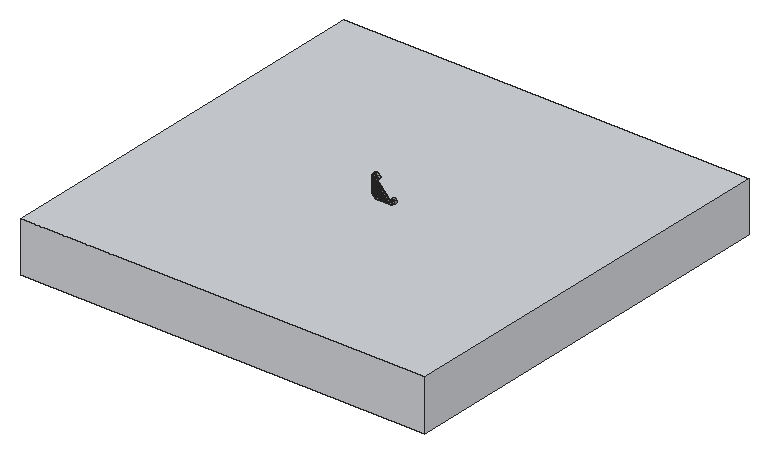
Revit family "RECK Jabonera Esquina 13x13cm BC1313300", category Generic Models, Revit 2014
Parameters
  MODELO = "RECK"
  MARCA = "WASSER"
  EMPRESA = "CHC COMERCIAL HISPANO CHILENA"
  Default Elevation = 1219.2 mm
  DIMENSIONES = "13X13CM"
  CÓDIGO = "BC1313300"
  ACCESORIO = "JABONERA ESQUINA"
Reference planes
  plane 1 "Center (Front/Back)": y = 0
  plane 2 "Center (Left/Right)": x = 0
  plane 3: z = 130
  plane 4: x = 65
  plane 5: x = -65
  plane 6: y = -30
  plane 7: z = 0
  plane 8: z = 105
  plane 9: z = 25
  plane 10: through (47.056, 0, 25) normal (0.7071, 0, -0.7071)
  plane 11: through (-32.944, 0, 105) normal (0.7071, 0, -0.7071)
Forms (mm)
  Extrusion 1, solid
    sketch origin (-10, 0, 0) x (1, 0, 0) y (0, 1, 0)
      loop
        line (-1219.2, 1219.2) -> (-1219.2, -1219.2) -> (1219.2, -1219.2) -> (1219.2, 1219.2) -> (-1219.2, 1219.2)
    from 0 to -304.8
  Extrusion 2, solid, material "Steel, Chrome Plated"
    sketch origin (-10, 0, 0) x (1, 0, 0) y (0, 0, 1)
      loop
        arc (67, 0) -> (74.309, 4.747) -> (72.944, 13.354) r 8
        line (72.944, 13.354) -> (59.177, 27.121)
        arc (59.177, 27.121) -> (57.056, 27.121) -> (57.056, 25) r 1.5
        line (57.056, 25) -> (70.761, 11.294)
        arc (70.761, 11.294) -> (71.554, 5.935) -> (67, 3) r 5
        line (67, 3) -> (-47, 3)
        arc (-47, 3) -> (-50.536, 4.464) -> (-52, 8) r 5
        line (-52, 8) -> (-52, 122)
        arc (-52, 122) -> (-48.76, 126.68) -> (-43.239, 125.294) r 5
        line (-43.239, 125.294) -> (-22.944, 105)
        arc (-22.944, 105) -> (-20.85, 105.027) -> (-20.823, 107.121) r 1.5
        line (-20.823, 107.121) -> (-41.056, 127.354)
        arc (-41.056, 127.354) -> (-49.867, 129.468) -> (-55, 122) r 8
        line (-55, 122) -> (-55, 8)
        arc (-55, 8) -> (-52.657, 2.343) -> (-47, 0) r 8
        line (-47, 0) -> (67, 0)
    from 0 to 12
  Extrusion 3, void
    sketch origin (-73.739, 0, 21.038) x (0.707107, 0, -0.707107) y (0, 1, 0)
      loop
        line (-33.818, 0) -> (-31.5, 0)
        arc (-31.5, 0) -> (-29.379, -0.879) -> (-28.5, -3) r 3
        line (-28.5, -3) -> (-28.5, -9)
        arc (-28.5, -9) -> (-29.379, -11.121) -> (-31.5, -12) r 3
        line (-31.5, -12) -> (-33.818, -12) -> (-27.237, -14.082) -> (-26.755, -0.296) -> (-30.222, 2.612) -> (-33.818, 0)
    from 85.183 to 95.098
  Extrusion 4, void
    sketch origin (-36.759, 0, -16.384) x (-0.707107, 0, 0.707107) y (0, -1, 0)
      loop
        line (-33.818, 0) -> (-30.222, -2.612) -> (-26.755, 0.296) -> (-27.237, 14.082) -> (-33.818, 12) -> (-31.5, 12)
        arc (-31.5, 12) -> (-29.379, 11.121) -> (-28.5, 9) r 3
        line (-28.5, 9) -> (-28.5, 3)
        arc (-28.5, 3) -> (-29.379, 0.879) -> (-31.5, 0) r 3
        line (-31.5, 0) -> (-33.818, 0)
    from 85.183 to 95.098
  Sweep 5, solid, material "Steel, Chrome Plated"
    path origin (8.194, 0, 66.268) x (0.707107, 0, -0.707107) y (0, 1, 0)
      loop
        line (68.303, -12) -> (68.303, -25.954)
        arc (68.303, -25.954) -> (67.424, -28.075) -> (65.303, -28.954) r 3
        line (65.303, -28.954) -> (-69.475, -28.954)
        arc (-69.475, -28.954) -> (-71.565, -28.088) -> (-72.43, -25.998) r 2.955
        line (-72.43, -25.998) -> (-72.43, -12)
    profile origin (56.491, -18.977, 17.971) x (0.707107, 0, -0.707107) y (0.707107, 0, 0.707107)
      loop
        circle (0, 0) r 0.8
  Sweep 6, solid, material "Steel, Chrome Plated"
    path origin (0.005, 0, 58.079) x (0.707107, 0, -0.707107) y (0, 1, 0)
      loop
        line (80.713, -12) -> (80.713, -25.954)
        arc (80.713, -25.954) -> (79.834, -28.075) -> (77.713, -28.954) r 3
        line (77.713, -28.954) -> (-87.552, -28.954)
        arc (-87.552, -28.954) -> (-89.642, -28.088) -> (-90.508, -25.998) r 2.955
        line (-90.508, -25.998) -> (-90.508, -12)
    profile origin (57.078, -18.977, 1.007) x (0.707107, 0, -0.707107) y (0.707107, 0, 0.707107)
      loop
        circle (0, 0) r 0.8
  Sweep 7, solid, material "Steel, Chrome Plated"
    path origin (-7.793, 0, 50.281) x (0.707107, 0, -0.707107) y (0, 1, 0)
      loop
        line (68.303, -12) -> (68.303, -25.954)
        arc (68.303, -25.954) -> (67.424, -28.075) -> (65.303, -28.954) r 3
        line (65.303, -28.954) -> (-76.258, -28.954)
        arc (-76.258, -28.954) -> (-78.348, -28.088) -> (-79.213, -25.998) r 2.955
        line (-79.213, -25.998) -> (-79.213, -12)
    profile origin (40.504, -18.977, 1.983) x (0.707107, 0, -0.707107) y (0.707107, 0, 0.707107)
      loop
        circle (0, 0) r 0.8
  Sweep 8, solid, material "Steel, Chrome Plated"
    path origin (-15.592, 0, 42.482) x (0.707107, 0, -0.707107) y (0, 1, 0)
      loop
        line (57.042, -11.434) -> (57.042, -25.769)
        arc (57.042, -25.769) -> (56.163, -27.89) -> (54.042, -28.769) r 3
        line (54.042, -28.769) -> (-64.489, -28.769)
        arc (-64.489, -28.769) -> (-66.579, -27.903) -> (-67.445, -25.814) r 2.955
        line (-67.445, -25.814) -> (-67.445, -10.814)
    profile origin (24.743, -18.601, 2.147) x (0.707107, 0, -0.707107) y (0.707107, 0, 0.707107)
      loop
        circle (0, 0) r 0.8
  Sweep 9, solid, material "Steel, Chrome Plated"
    path origin (-23.391, 0, 34.683) x (0.707107, 0, -0.707107) y (0, 1, 0)
      loop
        line (47.013, -10.373) -> (47.013, -25.532)
        arc (47.013, -25.532) -> (46.134, -27.653) -> (44.013, -28.532) r 3
        line (44.013, -28.532) -> (-53.708, -28.532)
        arc (-53.708, -28.532) -> (-55.797, -27.666) -> (-56.663, -25.576) r 2.955
        line (-56.663, -25.576) -> (-56.663, -10.576)
    profile origin (9.852, -17.952, 1.44) x (0.707107, 0, -0.707107) y (0.707107, 0, 0.707107)
      loop
        circle (0, 0) r 0.8
  Sweep 10, solid, material "Steel, Chrome Plated"
    path origin (-31.189, 0, 26.885) x (0.707107, 0, -0.707107) y (0, 1, 0)
      loop
        line (36.176, -9.544) -> (36.176, -25.531)
        arc (36.176, -25.531) -> (35.297, -27.653) -> (33.176, -28.531) r 3
        line (33.176, -28.531) -> (-42.874, -28.531)
        arc (-42.874, -28.531) -> (-44.963, -27.666) -> (-45.829, -25.576) r 2.955
        line (-45.829, -25.576) -> (-45.829, -9.46)
    profile origin (-5.609, -17.538, 1.305) x (0.707107, 0, -0.707107) y (0.707107, 0, 0.707107)
      loop
        circle (0, 0) r 0.8
  Sweep 11, solid, material "Steel, Chrome Plated"
    path origin (-38.988, 0, 19.086) x (0.707107, 0, -0.707107) y (0, 1, 0)
      loop
        line (25.198, -8.705) -> (25.198, -25.524)
        arc (25.198, -25.524) -> (24.32, -27.645) -> (22.198, -28.524) r 3
        line (22.198, -28.524) -> (-31.998, -28.524)
        arc (-31.998, -28.524) -> (-34.088, -27.658) -> (-34.953, -25.568) r 2.955
        line (-34.953, -25.568) -> (-34.953, -10.119)
    profile origin (-21.17, -17.114, 1.268) x (0.707107, 0, -0.707107) y (0.707107, 0, 0.707107)
      loop
        circle (0, 0) r 0.8
  Sweep 12, solid, material "Steel, Chrome Plated"
    path origin (-46.786, 0, 11.288) x (0.707107, 0, -0.707107) y (0, 1, 0)
      loop
        line (14.095, -7.856) -> (14.095, -25.53)
        arc (14.095, -25.53) -> (13.217, -27.652) -> (11.095, -28.53) r 3
        line (11.095, -28.53) -> (-20.805, -28.53)
        arc (-20.805, -28.53) -> (-22.895, -27.665) -> (-23.761, -25.575) r 2.955
        line (-23.761, -25.575) -> (-23.761, -10.575)
    profile origin (-36.82, -16.693, 1.321) x (0.707107, 0, -0.707107) y (0.707107, 0, 0.707107)
      loop
        circle (0, 0) r 0.8
  Revolve 13, solid, material "Steel, Chrome Plated"
    sketch origin (-16.286, -5.965, 0) x (1, 0, 0) y (0, 0, 1)
      loop
        arc (19.269, 3.812) -> (17.821, 4.357) -> (16.286, 4.542) r 6.456
        line (16.286, 4.542) -> (16.286, 3) -> (19.269, 3) -> (19.269, 3.812)
      axis (16.286, 4.542) -> (16.286, 3)
    angle from 0 to 360
  Revolve 14, solid, material "Steel, Chrome Plated"
    sketch origin (-65, -5.965, 48.714) x (0, 0, 1) y (-1, 0, 0)
      loop
        line (19.269, -3.812) -> (19.269, -3) -> (16.286, -3) -> (16.286, -4.542)
        arc (16.286, -4.542) -> (17.821, -4.357) -> (19.269, -3.812) r 6.456
      axis (16.286, -4.542) -> (16.286, -3)
    angle from 0 to 360
Cuts and joins
  Extrusion 3, Extrusion 4 cuts Extrusion 2
Dimensions and locks
  aligned and locked: plane 7 to Extrusion 1
  aligned and locked: level to Extrusion 1
